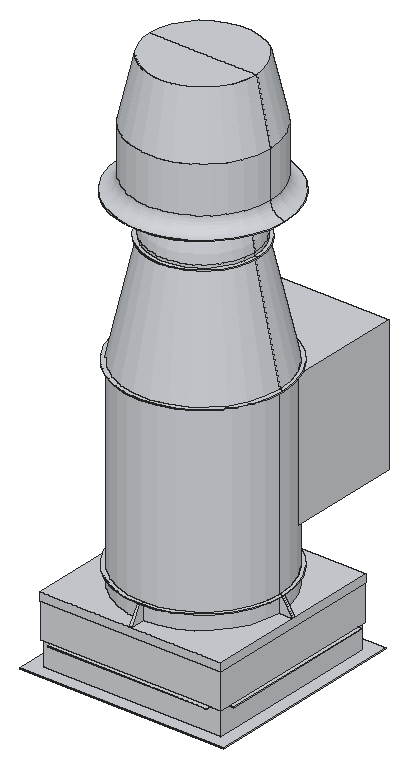
Revit family "QMXVP_with_Isolation_Box", category Mechanical Equipment, Revit 2019 (continued)
Types (225): name | UNIT_RADIUS+4" | UNIT_RADIUS*.6 | UNIT_RADIUS | UNIT_OD | UNIT_HEIGHT*.75 | UNIT_HEIGHT | TYPE | TRANSITION_TOP | RO/2 | RO | NOZZLE_WB_RAD-2" | NOZZLE_WB_RAD | NOZZLE_WB/4 | NOZZLE_TOP_RAD | NOZZLE_TOP_OD | NOZZLE_SIZE | NOZZLE_HEIGHT/7*2 | NOZZLE_HEIGHT | NOZZLE_BOTTOM_RAD | NOZZLE_WB_OD | NOZZLE_BOTTOM_ID | GA | E | C/2 | C | B/2 | B | A/2 | A | Type Comments | Model | (NOZZLE_WB_OD-NOZZLE_TOP_OD)/2 | (NOZZLE_HEIGHT-(NOZZLE_HEIGHT/8*2))/2 | (A/2)+.25"
  270_QMXVP-24L-Isolation_Box | 1' - 11 5/32" | 1' - 5.24062" | 1' - 7 5/32" | 3' - 2 5/16" | 2' - 11 1/4" | 3' - 11" | 0' - 0" | 5' - 2 1/4" | 1' - 8 3/8" | 3' - 4 3/4" | 2' - 4 1/2" | 2' - 6 1/2" | 1' - 0.2" | 1' - 6 1/4" | 3' - 0 1/2" | 24' - 0" | 1' - 3 1/2" | 5' - 2" | 1' - 5 3/8" | 5' - 1" | 2' - 10 3/4" | 0' - 0 27/256" | 3' - 10 15/16" | 2' - 7 1/2" | 5' - 3" | 5' - 4" | 10' - 8" | 2' - 0" | 4' - 0" | "Vari-Plume Laboratory Exhaust Mixed-Flow Inline Belt Drive With Isolation Box\r\n" | "QMXVP-Isolation Box" | 0' - 6 1/8" | 1' - 11 1/4" | 2' - 0 1/4"
  270_QMXVP-24H-Isolation_Box | 1' - 11 5/32" | 1' - 5.24062" | 1' - 7 5/32" | 3' - 2 5/16" | 2' - 11 1/4" | 3' - 11" | 0' - 0" | 5' - 2 1/4" | 1' - 8 3/8" | 3' - 4 3/4" | 2' - 4 1/2" | 2' - 6 1/2" | 1' - 0.2" | 1' - 6 1/4" | 3' - 0 1/2" | 24' - 0" | 1' - 3 1/2" | 5' - 2" | 1' - 5 3/8" | 5' - 1" | 2' - 10 3/4" | 0' - 0 27/256" | 3' - 10 15/16" | 2' - 7 1/2" | 5' - 3" | 5' - 4" | 10' - 8" | 2' - 0" | 4' - 0" | "Vari-Plume Laboratory Exhaust Mixed-Flow Inline Belt Drive With Isolation Box\r\n" | "QMXVP-Isolation Box" | 0' - 6 1/8" | 1' - 11 1/4" | 2' - 0 1/4"
  300_QMXVP-18L-Isolation_Box | 2' - 1 1/4" | 1' - 7 1/8" | 1' - 9 1/4" | 3' - 6 1/2" | 3' - 4 1/2" | 4' - 6" | 0' - 0" | 7' - 10 3/16" | 1' - 10 3/8" | 3' - 8 3/4" | 1' - 7 1/2" | 1' - 9 1/2" | 0' - 8.6" | 1' - 1 3/4" | 2' - 3 1/2" | 18' - 0" | 1' - 0" | 4' - 0" | 1' - 0 13/16" | 3' - 7" | 2' - 1 5/8" | 0' - 0 27/256" | 4' - 2 15/16" | 2' - 9 1/2" | 5' - 7" | 6' - 2" | 12' - 4" | 2' - 2" | 4' - 4" | "Vari-Plume Laboratory Exhaust Mixed-Flow Inline Belt Drive With Isolation Box\r\n" | "QMXVP-Isolation Box" | 0' - 3 7/8" | 1' - 6" | 2' - 2 1/4"
  300_QMXVP-18H-Isolation_Box | 2' - 1 1/4" | 1' - 7 1/8" | 1' - 9 1/4" | 3' - 6 1/2" | 3' - 4 1/2" | 4' - 6" | 0' - 0" | 7' - 10 3/16" | 1' - 10 3/8" | 3' - 8 3/4" | 1' - 7 1/2" | 1' - 9 1/2" | 0' - 8.6" | 1' - 1 3/4" | 2' - 3 1/2" | 18' - 0" | 1' - 0" | 4' - 0" | 1' - 0 13/16" | 3' - 7" | 2' - 1 5/8" | 0' - 0 27/256" | 4' - 2 15/16" | 2' - 9 1/2" | 5' - 7" | 6' - 2" | 12' - 4" | 2' - 2" | 4' - 4" | "Vari-Plume Laboratory Exhaust Mixed-Flow Inline Belt Drive With Isolation Box\r\n" | "QMXVP-Isolation Box" | 0' - 3 7/8" | 1' - 6" | 2' - 2 1/4"
  300_QMXVP-24L-Isolation_Box | 2' - 1 1/4" | 1' - 7 1/8" | 1' - 9 1/4" | 3' - 6 1/2" | 3' - 4 1/2" | 4' - 6" | 0' - 0" | 6' - 5 1/4" | 1' - 10 3/8" | 3' - 8 3/4" | 2' - 4 1/2" | 2' - 6 1/2" | 1' - 0.2" | 1' - 6 1/4" | 3' - 0 1/2" | 24' - 0" | 1' - 3 1/2" | 5' - 2" | 1' - 5 3/8" | 5' - 1" | 2' - 10 3/4" | 0' - 0 27/256" | 4' - 2 15/16" | 2' - 9 1/2" | 5' - 7" | 6' - 2" | 12' - 4" | 2' - 2" | 4' - 4" | "Vari-Plume Laboratory Exhaust Mixed-Flow Inline Belt Drive With Isolation Box\r\n" | "QMXVP-Isolation Box" | 0' - 6 1/8" | 1' - 11 1/4" | 2' - 2 1/4"
  300_QMXVP-24H-Isolation_Box | 2' - 1 1/4" | 1' - 7 1/8" | 1' - 9 1/4" | 3' - 6 1/2" | 3' - 4 1/2" | 4' - 6" | 0' - 0" | 6' - 5 1/4" | 1' - 10 3/8" | 3' - 8 3/4" | 2' - 4 1/2" | 2' - 6 1/2" | 1' - 0.2" | 1' - 6 1/4" | 3' - 0 1/2" | 24' - 0" | 1' - 3 1/2" | 5' - 2" | 1' - 5 3/8" | 5' - 1" | 2' - 10 3/4" | 0' - 0 27/256" | 4' - 2 15/16" | 2' - 9 1/2" | 5' - 7" | 6' - 2" | 12' - 4" | 2' - 2" | 4' - 4" | "Vari-Plume Laboratory Exhaust Mixed-Flow Inline Belt Drive With Isolation Box\r\n" | "QMXVP-Isolation Box" | 0' - 6 1/8" | 1' - 11 1/4" | 2' - 2 1/4"
  300_QMXVP-30L-Isolation_Box | 2' - 1 1/4" | 1' - 7 1/8" | 1' - 9 1/4" | 3' - 6 1/2" | 3' - 4 1/2" | 4' - 6" | 0' - 0" | 5' - 8 1/4" | 1' - 10 3/8" | 3' - 8 3/4" | 2' - 11" | 3' - 1" | 1' - 2.8" | 1' - 10 3/4" | 3' - 9 1/2" | 30' - 0" | 1' - 7 1/2" | 6' - 6" | 1' - 9 1/4" | 6' - 2" | 3' - 6 1/2" | 0' - 0 27/256" | 4' - 2 15/16" | 2' - 9 1/2" | 5' - 7" | 6' - 2" | 12' - 4" | 2' - 2" | 4' - 4" | "Vari-Plume Laboratory Exhaust Mixed-Flow Inline Belt Drive With Isolation Box\r\n" | "QMXVP-Isolation Box" | 0' - 7 1/8" | 2' - 5 1/4" | 2' - 2 1/4"
  300_QMXVP-30H-Isolation_Box | 2' - 1 1/4" | 1' - 7 1/8" | 1' - 9 1/4" | 3' - 6 1/2" | 3' - 4 1/2" | 4' - 6" | 0' - 0" | 5' - 8 1/4" | 1' - 10 3/8" | 3' - 8 3/4" | 2' - 11" | 3' - 1" | 1' - 2.8" | 1' - 10 3/4" | 3' - 9 1/2" | 30' - 0" | 1' - 7 1/2" | 6' - 6" | 1' - 9 1/4" | 6' - 2" | 3' - 6 1/2" | 0' - 0 27/256" | 4' - 2 15/16" | 2' - 9 1/2" | 5' - 7" | 6' - 2" | 12' - 4" | 2' - 2" | 4' - 4" | "Vari-Plume Laboratory Exhaust Mixed-Flow Inline Belt Drive With Isolation Box\r\n" | "QMXVP-Isolation Box" | 0' - 7 1/8" | 2' - 5 1/4" | 2' - 2 1/4"
  330_QMXVP-24L-Isolation_Box | 2' - 3 3/8" | 1' - 9.0375" | 1' - 11 3/8" | 3' - 10 3/4" | 3' - 7 7/8" | 4' - 10 1/2" | 0' - 0" | 7' - 5 3/4" | 2' - 0 5/16" | 4' - 0 5/8" | 2' - 4 1/2" | 2' - 6 1/2" | 1' - 0.2" | 1' - 6 1/4" | 3' - 0 1/2" | 24' - 0" | 1' - 3 1/2" | 5' - 2" | 1' - 5 3/8" | 5' - 1" | 2' - 10 3/4" | 0' - 0 27/256" | 4' - 6 13/16" | 3' - 0 1/2" | 6' - 1" | 6' - 5" | 12' - 10" | 2' - 4" | 4' - 8" | "Vari-Plume Laboratory Exhaust Mixed-Flow Inline Belt Drive With Isolation Box\r\n" | "QMXVP-Isolation Box" | 0' - 6 1/8" | 1' - 11 1/4" | 2' - 4 1/4"
  330_QMXVP-24H-Isolation_Box | 2' - 3 3/8" | 1' - 9.0375" | 1' - 11 3/8" | 3' - 10 3/4" | 3' - 7 7/8" | 4' - 10 1/2" | 0' - 0" | 7' - 5 3/4" | 2' - 0 5/16" | 4' - 0 5/8" | 2' - 4 1/2" | 2' - 6 1/2" | 1' - 0.2" | 1' - 6 1/4" | 3' - 0 1/2" | 24' - 0" | 1' - 3 1/2" | 5' - 2" | 1' - 5 3/8" | 5' - 1" | 2' - 10 3/4" | 0' - 0 27/256" | 4' - 6 13/16" | 3' - 0 1/2" | 6' - 1" | 6' - 5" | 12' - 10" | 2' - 4" | 4' - 8" | "Vari-Plume Laboratory Exhaust Mixed-Flow Inline Belt Drive With Isolation Box\r\n" | "QMXVP-Isolation Box" | 0' - 6 1/8" | 1' - 11 1/4" | 2' - 4 1/4"
  330_QMXVP-30L-Isolation_Box | 2' - 3 3/8" | 1' - 9.0375" | 1' - 11 3/8" | 3' - 10 3/4" | 3' - 7 7/8" | 4' - 10 1/2" | 0' - 0" | 6' - 2 3/4" | 2' - 0 5/16" | 4' - 0 5/8" | 2' - 11" | 3' - 1" | 1' - 2.8" | 1' - 10 3/4" | 3' - 9 1/2" | 30' - 0" | 1' - 7 1/2" | 6' - 6" | 1' - 9 1/4" | 6' - 2" | 3' - 6 1/2" | 0' - 0 27/256" | 4' - 6 13/16" | 3' - 0 1/2" | 6' - 1" | 6' - 5" | 12' - 10" | 2' - 4" | 4' - 8" | "Vari-Plume Laboratory Exhaust Mixed-Flow Inline Belt Drive With Isolation Box\r\n" | "QMXVP-Isolation Box" | 0' - 7 1/8" | 2' - 5 1/4" | 2' - 4 1/4"
  330_QMXVP-30H-Isolation_Box | 2' - 3 3/8" | 1' - 9.0375" | 1' - 11 3/8" | 3' - 10 3/4" | 3' - 7 7/8" | 4' - 10 1/2" | 0' - 0" | 6' - 2 3/4" | 2' - 0 5/16" | 4' - 0 5/8" | 2' - 11" | 3' - 1" | 1' - 2.8" | 1' - 10 3/4" | 3' - 9 1/2" | 30' - 0" | 1' - 7 1/2" | 6' - 6" | 1' - 9 1/4" | 6' - 2" | 3' - 6 1/2" | 0' - 0 27/256" | 4' - 6 13/16" | 3' - 0 1/2" | 6' - 1" | 6' - 5" | 12' - 10" | 2' - 4" | 4' - 8" | "Vari-Plume Laboratory Exhaust Mixed-Flow Inline Belt Drive With Isolation Box\r\n" | "QMXVP-Isolation Box" | 0' - 7 1/8" | 2' - 5 1/4" | 2' - 4 1/4"
  365_QMXVP-24L-Isolation_Box | 2' - 5 7/8" | 1' - 11.2875" | 2' - 1 7/8" | 4' - 3 3/4" | 4' - 0" | 5' - 4" | 0' - 0" | 8' - 8 1/4" | 2' - 3 1/4" | 4' - 6 1/2" | 2' - 4 1/2" | 2' - 6 1/2" | 1' - 0.2" | 1' - 6 1/4" | 3' - 0 1/2" | 24' - 0" | 1' - 3 1/2" | 5' - 2" | 1' - 5 3/8" | 5' - 1" | 2' - 10 3/4" | 0' - 0 27/256" | 5' - 0 3/4" | 3' - 3 1/2" | 6' - 7" | 7' - 3 1/2" | 14' - 7" | 2' - 7" | 5' - 2" | "Vari-Plume Laboratory Exhaust Mixed-Flow Inline Belt Drive With Isolation Box\r\n" | "QMXVP-Isolation Box" | 0' - 6 1/8" | 1' - 11 1/4" | 2' - 7 1/4"
  365_QMXVP-24H-Isolation_Box | 2' - 5 7/8" | 1' - 11.2875" | 2' - 1 7/8" | 4' - 3 3/4" | 4' - 0" | 5' - 4" | 0' - 0" | 8' - 8 1/4" | 2' - 3 1/4" | 4' - 6 1/2" | 2' - 4 1/2" | 2' - 6 1/2" | 1' - 0.2" | 1' - 6 1/4" | 3' - 0 1/2" | 24' - 0" | 1' - 3 1/2" | 5' - 2" | 1' - 5 3/8" | 5' - 1" | 2' - 10 3/4" | 0' - 0 27/256" | 5' - 0 3/4" | 3' - 3 1/2" | 6' - 7" | 7' - 3 1/2" | 14' - 7" | 2' - 7" | 5' - 2" | "Vari-Plume Laboratory Exhaust Mixed-Flow Inline Belt Drive With Isolation Box\r\n" | "QMXVP-Isolation Box" | 0' - 6 1/8" | 1' - 11 1/4" | 2' - 7 1/4"
  365_QMXVP-30L-Isolation_Box | 2' - 5 7/8" | 1' - 11.2875" | 2' - 1 7/8" | 4' - 3 3/4" | 4' - 0" | 5' - 4" | 0' - 0" | 7' - 5 1/2" | 2' - 3 1/4" | 4' - 6 1/2" | 2' - 11" | 3' - 1" | 1' - 2.8" | 1' - 10 3/4" | 3' - 9 1/2" | 30' - 0" | 1' - 7 1/2" | 6' - 6" | 1' - 9 1/4" | 6' - 2" | 3' - 6 1/2" | 0' - 0 27/256" | 5' - 0 3/4" | 3' - 3 1/2" | 6' - 7" | 7' - 3 1/2" | 14' - 7" | 2' - 7" | 5' - 2" | "Vari-Plume Laboratory Exhaust Mixed-Flow Inline Belt Drive With Isolation Box\r\n" | "QMXVP-Isolation Box" | 0' - 7 1/8" | 2' - 5 1/4" | 2' - 7 1/4"
  365_QMXVP-30H-Isolation_Box | 2' - 5 7/8" | 1' - 11.2875" | 2' - 1 7/8" | 4' - 3 3/4" | 4' - 0" | 5' - 4" | 0' - 0" | 7' - 5 1/2" | 2' - 3 1/4" | 4' - 6 1/2" | 2' - 11" | 3' - 1" | 1' - 2.8" | 1' - 10 3/4" | 3' - 9 1/2" | 30' - 0" | 1' - 7 1/2" | 6' - 6" | 1' - 9 1/4" | 6' - 2" | 3' - 6 1/2" | 0' - 0 27/256" | 5' - 0 3/4" | 3' - 3 1/2" | 6' - 7" | 7' - 3 1/2" | 14' - 7" | 2' - 7" | 5' - 2" | "Vari-Plume Laboratory Exhaust Mixed-Flow Inline Belt Drive With Isolation Box\r\n" | "QMXVP-Isolation Box" | 0' - 7 1/8" | 2' - 5 1/4" | 2' - 7 1/4"
  365_QMXVP-36L-Isolation_Box | 2' - 5 7/8" | 1' - 11.2875" | 2' - 1 7/8" | 4' - 3 3/4" | 4' - 0" | 5' - 4" | 0' - 0" | 6' - 6 1/4" | 2' - 3 1/4" | 4' - 6 1/2" | 3' - 7" | 3' - 9" | 1' - 6" | 2' - 5" | 4' - 10" | 36' - 0" | 1' - 11 3/4" | 7' - 11" | 2' - 1 7/8" | 7' - 6" | 4' - 3 3/4" | 0' - 0 27/256" | 5' - 0 3/4" | 3' - 3 1/2" | 6' - 7" | 7' - 3 1/2" | 14' - 7" | 2' - 7" | 5' - 2" | "Vari-Plume Laboratory Exhaust Mixed-Flow Inline Belt Drive With Isolation Box\r\n" | "QMXVP-Isolation Box" | 0' - 8" | 2' - 11 5/8" | 2' - 7 1/4"
  402_QMXVP-24L-Isolation_Box | 2' - 8 15/32" | 2' - 1.62188" | 2' - 4 15/32" | 4' - 8 15/16" | 4' - 3 3/8" | 5' - 8 1/2" | 0' - 0" | 9' - 10 3/4" | 2' - 5 23/32" | 4' - 11 7/16" | 2' - 4 1/2" | 2' - 6 1/2" | 1' - 0.2" | 1' - 6 1/4" | 3' - 0 1/2" | 24' - 0" | 1' - 3 1/2" | 5' - 2" | 1' - 5 3/8" | 5' - 1" | 2' - 10 3/4" | 0' - 0 27/256" | 5' - 5 3/4" | 3' - 8" | 7' - 4" | 7' - 7 1/2" | 15' - 3" | 2' - 9 1/2" | 5' - 7" | "Vari-Plume Laboratory Exhaust Mixed-Flow Inline Belt Drive With Isolation Box\r\n" | "QMXVP-Isolation Box" | 0' - 6 1/8" | 1' - 11 1/4" | 2' - 9 3/4"
  402_QMXVP-24H-Isolation_Box | 2' - 8 15/32" | 2' - 1.62188" | 2' - 4 15/32" | 4' - 8 15/16" | 4' - 3 3/8" | 5' - 8 1/2" | 0' - 0" | 9' - 10 3/4" | 2' - 5 23/32" | 4' - 11 7/16" | 2' - 4 1/2" | 2' - 6 1/2" | 1' - 0.2" | 1' - 6 1/4" | 3' - 0 1/2" | 24' - 0" | 1' - 3 1/2" | 5' - 2" | 1' - 5 3/8" | 5' - 1" | 2' - 10 3/4" | 0' - 0 27/256" | 5' - 5 3/4" | 3' - 8" | 7' - 4" | 7' - 7 1/2" | 15' - 3" | 2' - 9 1/2" | 5' - 7" | "Vari-Plume Laboratory Exhaust Mixed-Flow Inline Belt Drive With Isolation Box\r\n" | "QMXVP-Isolation Box" | 0' - 6 1/8" | 1' - 11 1/4" | 2' - 9 3/4"
  402_QMXVP-30L-Isolation_Box | 2' - 8 15/32" | 2' - 1.62188" | 2' - 4 15/32" | 4' - 8 15/16" | 4' - 3 3/8" | 5' - 8 1/2" | 0' - 0" | 8' - 7 3/4" | 2' - 5 23/32" | 4' - 11 7/16" | 2' - 11" | 3' - 1" | 1' - 2.8" | 1' - 10 3/4" | 3' - 9 1/2" | 30' - 0" | 1' - 7 1/2" | 6' - 6" | 1' - 9 1/4" | 6' - 2" | 3' - 6 1/2" | 0' - 0 27/256" | 5' - 5 3/4" | 3' - 8" | 7' - 4" | 7' - 7 1/2" | 15' - 3" | 2' - 9 1/2" | 5' - 7" | "Vari-Plume Laboratory Exhaust Mixed-Flow Inline Belt Drive With Isolation Box\r\n" | "QMXVP-Isolation Box" | 0' - 7 1/8" | 2' - 5 1/4" | 2' - 9 3/4"
  402_QMXVP-30H-Isolation_Box | 2' - 8 15/32" | 2' - 1.62188" | 2' - 4 15/32" | 4' - 8 15/16" | 4' - 3 3/8" | 5' - 8 1/2" | 0' - 0" | 8' - 7 3/4" | 2' - 5 23/32" | 4' - 11 7/16" | 2' - 11" | 3' - 1" | 1' - 2.8" | 1' - 10 3/4" | 3' - 9 1/2" | 30' - 0" | 1' - 7 1/2" | 6' - 6" | 1' - 9 1/4" | 6' - 2" | 3' - 6 1/2" | 0' - 0 27/256" | 5' - 5 3/4" | 3' - 8" | 7' - 4" | 7' - 7 1/2" | 15' - 3" | 2' - 9 1/2" | 5' - 7" | "Vari-Plume Laboratory Exhaust Mixed-Flow Inline Belt Drive With Isolation Box\r\n" | "QMXVP-Isolation Box" | 0' - 7 1/8" | 2' - 5 1/4" | 2' - 9 3/4"
  402_QMXVP-36L-Isolation_Box | 2' - 8 15/32" | 2' - 1.62188" | 2' - 4 15/32" | 4' - 8 15/16" | 4' - 3 3/8" | 5' - 8 1/2" | 0' - 0" | 7' - 2 3/4" | 2' - 5 23/32" | 4' - 11 7/16" | 3' - 7" | 3' - 9" | 1' - 6" | 2' - 5" | 4' - 10" | 36' - 0" | 1' - 11 3/4" | 7' - 11" | 2' - 1 7/8" | 7' - 6" | 4' - 3 3/4" | 0' - 0 27/256" | 5' - 5 3/4" | 3' - 8" | 7' - 4" | 7' - 7 1/2" | 15' - 3" | 2' - 9 1/2" | 5' - 7" | "Vari-Plume Laboratory Exhaust Mixed-Flow Inline Belt Drive With Isolation Box\r\n" | "QMXVP-Isolation Box" | 0' - 8" | 2' - 11 5/8" | 2' - 9 3/4"
  402_QMXVP-36H-Isolation_Box | 2' - 8 15/32" | 2' - 1.62188" | 2' - 4 15/32" | 4' - 8 15/16" | 4' - 3 3/8" | 5' - 8 1/2" | 0' - 0" | 7' - 2 3/4" | 2' - 5 23/32" | 4' - 11 7/16" | 3' - 7" | 3' - 9" | 1' - 6" | 2' - 5" | 4' - 10" | 36' - 0" | 1' - 11 3/4" | 7' - 11" | 2' - 1 7/8" | 7' - 6" | 4' - 3 3/4" | 0' - 0 27/256" | 5' - 5 3/4" | 3' - 8" | 7' - 4" | 7' - 7 1/2" | 15' - 3" | 2' - 9 1/2" | 5' - 7" | "Vari-Plume Laboratory Exhaust Mixed-Flow Inline Belt Drive With Isolation Box\r\n" | "QMXVP-Isolation Box" | 0' - 8" | 2' - 11 5/8" | 2' - 9 3/4"
  445_QMXVP-30L-Isolation_Box | 2' - 11 17/32" | 2' - 4.37812" | 2' - 7 17/32" | 5' - 3 1/16" | 4' - 7 1/2" | 6' - 2" | 0' - 0" | 10' - 1 1/4" | 2' - 9 7/32" | 5' - 6 7/16" | 2' - 11" | 3' - 1" | 1' - 2.8" | 1' - 10 3/4" | 3' - 9 1/2" | 30' - 0" | 1' - 7 1/2" | 6' - 6" | 1' - 9 1/4" | 6' - 2" | 3' - 6 1/2" | 0' - 0 27/256" | 6' - 0 5/8" | 3' - 11 1/2" | 7' - 11" | 8' - 4 1/2" | 16' - 9" | 3' - 1" | 6' - 2" | "Vari-Plume Laboratory Exhaust Mixed-Flow Inline Belt Drive With Isolation Box\r\n" | "QMXVP-Isolation Box" | 0' - 7 1/8" | 2' - 5 1/4" | 3' - 1 1/4"
  445_QMXVP-30H-Isolation_Box | 2' - 11 17/32" | 2' - 4.37812" | 2' - 7 17/32" | 5' - 3 1/16" | 4' - 7 1/2" | 6' - 2" | 0' - 0" | 10' - 1 1/4" | 2' - 9 7/32" | 5' - 6 7/16" | 2' - 11" | 3' - 1" | 1' - 2.8" | 1' - 10 3/4" | 3' - 9 1/2" | 30' - 0" | 1' - 7 1/2" | 6' - 6" | 1' - 9 1/4" | 6' - 2" | 3' - 6 1/2" | 0' - 0 27/256" | 6' - 0 5/8" | 3' - 11 1/2" | 7' - 11" | 8' - 4 1/2" | 16' - 9" | 3' - 1" | 6' - 2" | "Vari-Plume Laboratory Exhaust Mixed-Flow Inline Belt Drive With Isolation Box\r\n" | "QMXVP-Isolation Box" | 0' - 7 1/8" | 2' - 5 1/4" | 3' - 1 1/4"
  445_QMXVP-36L-Isolation_Box | 2' - 11 17/32" | 2' - 4.37812" | 2' - 7 17/32" | 5' - 3 1/16" | 4' - 7 1/2" | 6' - 2" | 0' - 0" | 8' - 7 1/4" | 2' - 9 7/32" | 5' - 6 7/16" | 3' - 7" | 3' - 9" | 1' - 6" | 2' - 5" | 4' - 10" | 36' - 0" | 1' - 11 3/4" | 7' - 11" | 2' - 1 7/8" | 7' - 6" | 4' - 3 3/4" | 0' - 0 27/256" | 6' - 0 5/8" | 3' - 11 1/2" | 7' - 11" | 8' - 4 1/2" | 16' - 9" | 3' - 1" | 6' - 2" | "Vari-Plume Laboratory Exhaust Mixed-Flow Inline Belt Drive With Isolation Box\r\n" | "QMXVP-Isolation Box" | 0' - 8" | 2' - 11 5/8" | 3' - 1 1/4"
  445_QMXVP-36H-Isolation_Box | 2' - 11 17/32" | 2' - 4.37812" | 2' - 7 17/32" | 5' - 3 1/16" | 4' - 7 1/2" | 6' - 2" | 0' - 0" | 8' - 7 1/4" | 2' - 9 7/32" | 5' - 6 7/16" | 3' - 7" | 3' - 9" | 1' - 6" | 2' - 5" | 4' - 10" | 36' - 0" | 1' - 11 3/4" | 7' - 11" | 2' - 1 7/8" | 7' - 6" | 4' - 3 3/4" | 0' - 0 27/256" | 6' - 0 5/8" | 3' - 11 1/2" | 7' - 11" | 8' - 4 1/2" | 16' - 9" | 3' - 1" | 6' - 2" | "Vari-Plume Laboratory Exhaust Mixed-Flow Inline Belt Drive With Isolation Box\r\n" | "QMXVP-Isolation Box" | 0' - 8" | 2' - 11 5/8" | 3' - 1 1/4"
  490_QMXVP-30L-Isolation_Box | 3' - 2 11/16" | 2' - 7 7/32" | 2' - 10 11/16" | 5' - 9 3/8" | 5' - 0 3/8" | 6' - 8 1/2" | 0' - 0" | 11' - 7 3/4" | 3' - 0 1/8" | 6' - 0 1/4" | 2' - 11" | 3' - 1" | 1' - 2.8" | 1' - 10 3/4" | 3' - 9 1/2" | 30' - 0" | 1' - 7 1/2" | 6' - 6" | 1' - 9 1/4" | 6' - 2" | 3' - 6 1/2" | 0' - 0 17/128" | 6' - 6 1/2" | 4' - 3 1/2" | 8' - 7" | 9' - 1 1/2" | 18' - 3" | 3' - 4" | 6' - 8" | "Vari-Plume Laboratory Exhaust Mixed-Flow Inline Belt Drive With Isolation Box\r\n" | "QMXVP-Isolation Box" | 0' - 7 1/8" | 2' - 5 1/4" | 3' - 4 1/4"
  490_QMXVP-30H-Isolation_Box | 3' - 2 11/16" | 2' - 7 7/32" | 2' - 10 11/16" | 5' - 9 3/8" | 5' - 0 3/8" | 6' - 8 1/2" | 0' - 0" | 11' - 7 3/4" | 3' - 0 1/8" | 6' - 0 1/4" | 2' - 11" | 3' - 1" | 1' - 2.8" | 1' - 10 3/4" | 3' - 9 1/2" | 30' - 0" | 1' - 7 1/2" | 6' - 6" | 1' - 9 1/4" | 6' - 2" | 3' - 6 1/2" | 0' - 0 17/128" | 6' - 6 1/2" | 4' - 3 1/2" | 8' - 7" | 9' - 1 1/2" | 18' - 3" | 3' - 4" | 6' - 8" | "Vari-Plume Laboratory Exhaust Mixed-Flow Inline Belt Drive With Isolation Box\r\n" | "QMXVP-Isolation Box" | 0' - 7 1/8" | 2' - 5 1/4" | 3' - 4 1/4"
  490_QMXVP-36L-Isolation_Box | 3' - 2 11/16" | 2' - 7 7/32" | 2' - 10 11/16" | 5' - 9 3/8" | 5' - 0 3/8" | 6' - 8 1/2" | 0' - 0" | 10' - 2 3/4" | 3' - 0 1/8" | 6' - 0 1/4" | 3' - 7" | 3' - 9" | 1' - 6" | 2' - 5" | 4' - 10" | 36' - 0" | 1' - 11 3/4" | 7' - 11" | 2' - 1 7/8" | 7' - 6" | 4' - 3 3/4" | 0' - 0 17/128" | 6' - 6 1/2" | 4' - 3 1/2" | 8' - 7" | 9' - 1 1/2" | 18' - 3" | 3' - 4" | 6' - 8" | "Vari-Plume Laboratory Exhaust Mixed-Flow Inline Belt Drive With Isolation Box\r\n" | "QMXVP-Isolation Box" | 0' - 8" | 2' - 11 5/8" | 3' - 4 1/4"
  490_QMXVP-36H-Isolation_Box | 3' - 2 11/16" | 2' - 7 7/32" | 2' - 10 11/16" | 5' - 9 3/8" | 5' - 0 3/8" | 6' - 8 1/2" | 0' - 0" | 10' - 2 3/4" | 3' - 0 1/8" | 6' - 0 1/4" | 3' - 7" | 3' - 9" | 1' - 6" | 2' - 5" | 4' - 10" | 36' - 0" | 1' - 11 3/4" | 7' - 11" | 2' - 1 7/8" | 7' - 6" | 4' - 3 3/4" | 0' - 0 17/128" | 6' - 6 1/2" | 4' - 3 1/2" | 8' - 7" | 9' - 1 1/2" | 18' - 3" | 3' - 4" | 6' - 8" | "Vari-Plume Laboratory Exhaust Mixed-Flow Inline Belt Drive With Isolation Box\r\n" | "QMXVP-Isolation Box" | 0' - 8" | 2' - 11 5/8" | 3' - 4 1/4"
  540_QMXVP-36L-Isolation_Box | 3' - 6 7/32" | 2' - 10.39687" | 3' - 2 7/32" | 6' - 4 7/16" | 5' - 5 1/4" | 7' - 3" | 0' - 0" | 11' - 10 1/4" | 3' - 3 9/16" | 6' - 7 1/8" | 3' - 7" | 3' - 9" | 1' - 6" | 2' - 5" | 4' - 10" | 36' - 0" | 1' - 11 3/4" | 7' - 11" | 2' - 1 7/8" | 7' - 6" | 4' - 3 3/4" | 0' - 0 17/128" | 7' - 1 3/8" | 4' - 7 1/2" | 9' - 3" | 9' - 11 1/2" | 19' - 11" | 3' - 9" | 7' - 6" | "Vari-Plume Laboratory Exhaust Mixed-Flow Inline Belt Drive With Isolation Box\r\n" | "QMXVP-Isolation Box" | 0' - 8" | 2' - 11 5/8" | 3' - 9 1/4"
  540_QMXVP-36H-Isolation_Box | 3' - 6 7/32" | 2' - 10.39687" | 3' - 2 7/32" | 6' - 4 7/16" | 5' - 5 1/4" | 7' - 3" | 0' - 0" | 11' - 10 1/4" | 3' - 3 9/16" | 6' - 7 1/8" | 3' - 7" | 3' - 9" | 1' - 6" | 2' - 5" | 4' - 10" | 36' - 0" | 1' - 11 3/4" | 7' - 11" | 2' - 1 7/8" | 7' - 6" | 4' - 3 3/4" | 0' - 0 17/128" | 7' - 1 3/8" | 4' - 7 1/2" | 9' - 3" | 9' - 11 1/2" | 19' - 11" | 3' - 9" | 7' - 6" | "Vari-Plume Laboratory Exhaust Mixed-Flow Inline Belt Drive With Isolation Box\r\n" | "QMXVP-Isolation Box" | 0' - 8" | 2' - 11 5/8" | 3' - 9 1/4"
  540_QMXVP-49L-Isolation_Box | 3' - 6 7/32" | 2' - 10.39687" | 3' - 2 7/32" | 6' - 4 7/16" | 5' - 5 1/4" | 7' - 3" | 0' - 0" | 10' - 1 1/4" | 3' - 3 9/16" | 6' - 7 1/8" | 4' - 0 1/2" | 4' - 2 1/2" | 1' - 8.2" | 3' - 2" | 6' - 4" | 49' - 0" | 2' - 3 1/2" | 9' - 2" | 2' - 10 11/16" | 8' - 5" | 5' - 9 3/8" | 0' - 0 17/128" | 7' - 1 3/8" | 4' - 7 1/2" | 9' - 3" | 9' - 11 1/2" | 19' - 11" | 3' - 9" | 7' - 6" | "Vari-Plume Laboratory Exhaust Mixed-Flow Inline Belt Drive With Isolation Box\r\n" | "QMXVP-Isolation Box" | 0' - 6 1/4" | 3' - 5 1/4" | 3' - 9 1/4"
  540_QMXVP-49H-Isolation_Box | 3' - 6 7/32" | 2' - 10.39687" | 3' - 2 7/32" | 6' - 4 7/16" | 5' - 5 1/4" | 7' - 3" | 0' - 0" | 10' - 1 1/4" | 3' - 3 9/16" | 6' - 7 1/8" | 4' - 0 1/2" | 4' - 2 1/2" | 1' - 8.2" | 3' - 2" | 6' - 4" | 49' - 0" | 2' - 3 1/2" | 9' - 2" | 2' - 10 11/16" | 8' - 5" | 5' - 9 3/8" | 0' - 0 17/128" | 7' - 1 3/8" | 4' - 7 1/2" | 9' - 3" | 9' - 11 1/2" | 19' - 11" | 3' - 9" | 7' - 6" | "Vari-Plume Laboratory Exhaust Mixed-Flow Inline Belt Drive With Isolation Box\r\n" | "QMXVP-Isolation Box" | 0' - 6 1/4" | 3' - 5 1/4" | 3' - 9 1/4"
  600_QMXVP-36L-Isolation_Box | 3' - 10 7/16" | 3' - 2.19375" | 3' - 6 7/16" | 7' - 0 7/8" | 5' - 11 5/8" | 7' - 11 1/2" | 0' - 0" | 14' - 2 3/4" | 3' - 8 1/32" | 7' - 4 1/16" | 3' - 7" | 3' - 9" | 1' - 6" | 2' - 5" | 4' - 10" | 36' - 0" | 1' - 11 3/4" | 7' - 11" | 2' - 1 7/8" | 7' - 6" | 4' - 3 3/4" | 0' - 0 23/128" | 7' - 10 3/8" | 5' - 1" | 10' - 2" | 10' - 11 1/2" | 21' - 11" | 4' - 2 1/2" | 8' - 5" | "Vari-Plume Laboratory Exhaust Mixed-Flow Inline Belt Drive With Isolation Box\r\n" | "QMXVP-Isolation Box" | 0' - 8" | 2' - 11 5/8" | 4' - 2 3/4"
  600_QMXVP-36H-Isolation_Box | 3' - 10 7/16" | 3' - 2.19375" | 3' - 6 7/16" | 7' - 0 7/8" | 5' - 11 5/8" | 7' - 11 1/2" | 0' - 0" | 14' - 2 3/4" | 3' - 8 1/32" | 7' - 4 1/16" | 3' - 7" | 3' - 9" | 1' - 6" | 2' - 5" | 4' - 10" | 36' - 0" | 1' - 11 3/4" | 7' - 11" | 2' - 1 7/8" | 7' - 6" | 4' - 3 3/4" | 0' - 0 23/128" | 7' - 10 3/8" | 5' - 1" | 10' - 2" | 10' - 11 1/2" | 21' - 11" | 4' - 2 1/2" | 8' - 5" | "Vari-Plume Laboratory Exhaust Mixed-Flow Inline Belt Drive With Isolation Box\r\n" | "QMXVP-Isolation Box" | 0' - 8" | 2' - 11 5/8" | 4' - 2 3/4"
  600_QMXVP-49L-Isolation_Box | 3' - 10 7/16" | 3' - 2.19375" | 3' - 6 7/16" | 7' - 0 7/8" | 5' - 11 5/8" | 7' - 11 1/2" | 0' - 0" | 12' - 4 3/4" | 3' - 8 1/32" | 7' - 4 1/16" | 4' - 0 1/2" | 4' - 2 1/2" | 1' - 8.2" | 3' - 2" | 6' - 4" | 49' - 0" | 2' - 3 1/2" | 9' - 2" | 2' - 10 11/16" | 8' - 5" | 5' - 9 3/8" | 0' - 0 23/128" | 7' - 10 3/8" | 5' - 1" | 10' - 2" | 10' - 11 1/2" | 21' - 11" | 4' - 2 1/2" | 8' - 5" | "Vari-Plume Laboratory Exhaust Mixed-Flow Inline Belt Drive With Isolation Box\r\n" | "QMXVP-Isolation Box" | 0' - 6 1/4" | 3' - 5 1/4" | 4' - 2 3/4"
  600_QMXVP-49H-Isolation_Box | 3' - 10 7/16" | 3' - 2.19375" | 3' - 6 7/16" | 7' - 0 7/8" | 5' - 11 5/8" | 7' - 11 1/2" | 0' - 0" | 12' - 4 3/4" | 3' - 8 1/32" | 7' - 4 1/16" | 4' - 0 1/2" | 4' - 2 1/2" | 1' - 8.2" | 3' - 2" | 6' - 4" | 49' - 0" | 2' - 3 1/2" | 9' - 2" | 2' - 10 11/16" | 8' - 5" | 5' - 9 3/8" | 0' - 0 23/128" | 7' - 10 3/8" | 5' - 1" | 10' - 2" | 10' - 11 1/2" | 21' - 11" | 4' - 2 1/2" | 8' - 5" | "Vari-Plume Laboratory Exhaust Mixed-Flow Inline Belt Drive With Isolation Box\r\n" | "QMXVP-Isolation Box" | 0' - 6 1/4" | 3' - 5 1/4" | 4' - 2 3/4"
  120_QMXHPVP-12H-Isolation_Box | 1' - 0 17/32" | 0' - 7.67813" | 0' - 8 17/32" | 1' - 5 1/16" | 1' - 2 29/32" | 1' - 7 7/8" | 1' - 0" | 3' - 3 7/16" | 0' - 10 1/2" | 1' - 9" | 1' - 0" | 1' - 2" | 0' - 5.6" | 0' - 9 3/4" | 1' - 7 1/2" | 12' - 0" | 0' - 8" | 2' - 8" | 0' - 8 17/32" | 2' - 4" | 1' - 5 1/16" | 0' - 0 27/256" | 2' - 3 3/16" | 1' - 6 1/2" | 3' - 1" | 2' - 11 1/2" | 5' - 11" | 1' - 2" | 2' - 4" | "Vari-Plume Laboratory Exhaust Mixed-Flow High Pressure Inline Belt Drive With Isolation Box\r\n" | "QMXHPVP-Isolation Box" | 0' - 2 1/8" | 1' - 0" | 1' - 2 1/4"
  120_QMXHPVP-12L-Isolation_Box | 1' - 0 17/32" | 0' - 7.67813" | 0' - 8 17/32" | 1' - 5 1/16" | 1' - 2 29/32" | 1' - 7 7/8" | 1' - 0" | 3' - 3 7/16" | 0' - 10 1/2" | 1' - 9" | 1' - 0" | 1' - 2" | 0' - 5.6" | 0' - 9 3/4" | 1' - 7 1/2" | 12' - 0" | 0' - 8" | 2' - 8" | 0' - 8 17/32" | 2' - 4" | 1' - 5 1/16" | 0' - 0 27/256" | 2' - 3 3/16" | 1' - 6 1/2" | 3' - 1" | 2' - 11 1/2" | 5' - 11" | 1' - 2" | 2' - 4" | "Vari-Plume Laboratory Exhaust Mixed-Flow High Pressure Inline Belt Drive With Isolation Box\r\n" | "QMXHPVP-Isolation Box" | 0' - 2 1/8" | 1' - 0" | 1' - 2 1/4"
  120_QMXHPVP-9H-Isolation_Box | 1' - 0 17/32" | 0' - 7.67813" | 0' - 8 17/32" | 1' - 5 1/16" | 1' - 2 29/32" | 1' - 7 7/8" | 1' - 0" | 3' - 7 3/16" | 0' - 10 1/2" | 1' - 9" | 0' - 9 1/2" | 0' - 11 1/2" | 0' - 4.6" | 0' - 6 3/4" | 1' - 1 1/2" | 9' - 0" | 0' - 7" | 2' - 4" | 0' - 6 13/32" | 1' - 11" | 1' - 0 13/16" | 0' - 0 27/256" | 2' - 3 3/16" | 1' - 6 1/2" | 3' - 1" | 2' - 11 1/2" | 5' - 11" | 1' - 2" | 2' - 4" | "Vari-Plume Laboratory Exhaust Mixed-Flow High Pressure Inline Belt Drive With Isolation Box\r\n" | "QMXHPVP-Isolation Box" | 0' - 2 3/8" | 0' - 10 1/2" | 1' - 2 1/4"
  120_QMXHPVP-9L-Isolation_Box | 1' - 0 17/32" | 0' - 7.67813" | 0' - 8 17/32" | 1' - 5 1/16" | 1' - 2 29/32" | 1' - 7 7/8" | 1' - 0" | 3' - 7 3/16" | 0' - 10 1/2" | 1' - 9" | 0' - 9 1/2" | 0' - 11 1/2" | 0' - 4.6" | 0' - 6 3/4" | 1' - 1 1/2" | 9' - 0" | 0' - 7" | 2' - 4" | 0' - 6 13/32" | 1' - 11" | 1' - 0 13/16" | 0' - 0 27/256" | 2' - 3 3/16" | 1' - 6 1/2" | 3' - 1" | 2' - 11 1/2" | 5' - 11" | 1' - 2" | 2' - 4" | "Vari-Plume Laboratory Exhaust Mixed-Flow High Pressure Inline Belt Drive With Isolation Box\r\n" | "QMXHPVP-Isolation Box" | 0' - 2 3/8" | 0' - 10 1/2" | 1' - 2 1/4"
  135_QMXHPVP-12H-Isolation_Box | 1' - 1 5/8" | 0' - 8.6625" | 0' - 9 5/8" | 1' - 7 1/4" | 1' - 8 1/4" | 2' - 3" | 1' - 0" | 3' - 4 11/16" | 0' - 10 15/32" | 1' - 8 15/16" | 1' - 0" | 1' - 2" | 0' - 5.6" | 0' - 9 3/4" | 1' - 7 1/2" | 12' - 0" | 0' - 8" | 2' - 8" | 0' - 8 17/32" | 2' - 4" | 1' - 5 1/16" | 0' - 0 27/256" | 2' - 3 1/8" | 1' - 7 1/2" | 3' - 3" | 3' - 2 1/2" | 6' - 5" | 1' - 2" | 2' - 4" | "Vari-Plume Laboratory Exhaust Mixed-Flow High Pressure Inline Belt Drive With Isolation Box\r\n" | "QMXHPVP-Isolation Box" | 0' - 2 1/8" | 1' - 0" | 1' - 2 1/4"
  135_QMXHPVP-12L-Isolation_Box | 1' - 1 5/8" | 0' - 8.6625" | 0' - 9 5/8" | 1' - 7 1/4" | 1' - 8 1/4" | 2' - 3" | 1' - 0" | 3' - 4 11/16" | 0' - 10 15/32" | 1' - 8 15/16" | 1' - 0" | 1' - 2" | 0' - 5.6" | 0' - 9 3/4" | 1' - 7 1/2" | 12' - 0" | 0' - 8" | 2' - 8" | 0' - 8 17/32" | 2' - 4" | 1' - 5 1/16" | 0' - 0 27/256" | 2' - 3 1/8" | 1' - 7 1/2" | 3' - 3" | 3' - 2 1/2" | 6' - 5" | 1' - 2" | 2' - 4" | "Vari-Plume Laboratory Exhaust Mixed-Flow High Pressure Inline Belt Drive With Isolation Box\r\n" | "QMXHPVP-Isolation Box" | 0' - 2 1/8" | 1' - 0" | 1' - 2 1/4"
  135_QMXHPVP-9H-Isolation_Box | 1' - 1 5/8" | 0' - 8.6625" | 0' - 9 5/8" | 1' - 7 1/4" | 1' - 8 1/4" | 2' - 3" | 1' - 0" | 4' - 0 11/16" | 0' - 10 15/32" | 1' - 8 15/16" | 0' - 9 1/2" | 0' - 11 1/2" | 0' - 4.6" | 0' - 6 3/4" | 1' - 1 1/2" | 9' - 0" | 0' - 7" | 2' - 4" | 0' - 6 13/32" | 1' - 11" | 1' - 0 13/16" | 0' - 0 27/256" | 2' - 3 1/8" | 1' - 7 1/2" | 3' - 3" | 3' - 2 1/2" | 6' - 5" | 1' - 2" | 2' - 4" | "Vari-Plume Laboratory Exhaust Mixed-Flow High Pressure Inline Belt Drive With Isolation Box\r\n" | "QMXHPVP-Isolation Box" | 0' - 2 3/8" | 0' - 10 1/2" | 1' - 2 1/4"
  135_QMXHPVP-9L-Isolation_Box | 1' - 1 5/8" | 0' - 8.6625" | 0' - 9 5/8" | 1' - 7 1/4" | 1' - 8 1/4" | 2' - 3" | 1' - 0" | 4' - 0 11/16" | 0' - 10 15/32" | 1' - 8 15/16" | 0' - 9 1/2" | 0' - 11 1/2" | 0' - 4.6" | 0' - 6 3/4" | 1' - 1 1/2" | 9' - 0" | 0' - 7" | 2' - 4" | 0' - 6 13/32" | 1' - 11" | 1' - 0 13/16" | 0' - 0 27/256" | 2' - 3 1/8" | 1' - 7 1/2" | 3' - 3" | 3' - 2 1/2" | 6' - 5" | 1' - 2" | 2' - 4" | "Vari-Plume Laboratory Exhaust Mixed-Flow High Pressure Inline Belt Drive With Isolation Box\r\n" | "QMXHPVP-Isolation Box" | 0' - 2 3/8" | 0' - 10 1/2" | 1' - 2 1/4"
  150_QMXHPVP-12H-Isolation_Box | 1' - 2 11/16" | 0' - 9.61875" | 0' - 10 11/16" | 1' - 9 3/8" | 1' - 10 1/2" | 2' - 6" | 1' - 0" | 3' - 10 1/4" | 0' - 11 15/32" | 1' - 10 15/16" | 1' - 0" | 1' - 2" | 0' - 5.6" | 0' - 9 3/4" | 1' - 7 1/2" | 12' - 0" | 0' - 8" | 2' - 8" | 0' - 8 17/32" | 2' - 4" | 1' - 5 1/16" | 0' - 0 27/256" | 2' - 5 1/8" | 1' - 9" | 3' - 6" | 3' - 7 1/2" | 7' - 3" | 1' - 3" | 2' - 6" | "Vari-Plume Laboratory Exhaust Mixed-Flow High Pressure Inline Belt Drive With Isolation Box\r\n" | "QMXHPVP-Isolation Box" | 0' - 2 1/8" | 1' - 0" | 1' - 3 1/4"
  150_QMXHPVP-12L-Isolation_Box | 1' - 2 11/16" | 0' - 9.61875" | 0' - 10 11/16" | 1' - 9 3/8" | 1' - 10 1/2" | 2' - 6" | 1' - 0" | 3' - 10 1/4" | 0' - 11 15/32" | 1' - 10 15/16" | 1' - 0" | 1' - 2" | 0' - 5.6" | 0' - 9 3/4" | 1' - 7 1/2" | 12' - 0" | 0' - 8" | 2' - 8" | 0' - 8 17/32" | 2' - 4" | 1' - 5 1/16" | 0' - 0 27/256" | 2' - 5 1/8" | 1' - 9" | 3' - 6" | 3' - 7 1/2" | 7' - 3" | 1' - 3" | 2' - 6" | "Vari-Plume Laboratory Exhaust Mixed-Flow High Pressure Inline Belt Drive With Isolation Box\r\n" | "QMXHPVP-Isolation Box" | 0' - 2 1/8" | 1' - 0" | 1' - 3 1/4"
  150_QMXHPVP-15H-Isolation_Box | 1' - 2 11/16" | 0' - 9.61875" | 0' - 10 11/16" | 1' - 9 3/8" | 1' - 10 1/2" | 2' - 6" | 1' - 0" | 3' - 7 5/16" | 0' - 11 15/32" | 1' - 10 15/16" | 1' - 4" | 1' - 6" | 0' - 7.2" | 0' - 11 1/2" | 1' - 11" | 15' - 0" | 0' - 10 3/4" | 3' - 7" | 0' - 10 11/16" | 3' - 0" | 1' - 9 3/8" | 0' - 0 27/256" | 2' - 5 1/8" | 1' - 9" | 3' - 6" | 3' - 7 1/2" | 7' - 3" | 1' - 3" | 2' - 6" | "Vari-Plume Laboratory Exhaust Mixed-Flow High Pressure Inline Belt Drive With Isolation Box\r\n" | "QMXHPVP-Isolation Box" | 0' - 3 1/4" | 1' - 4 1/8" | 1' - 3 1/4"
  150_QMXHPVP-15L-Isolation_Box | 1' - 2 11/16" | 0' - 9.61875" | 0' - 10 11/16" | 1' - 9 3/8" | 1' - 10 1/2" | 2' - 6" | 1' - 0" | 3' - 7 5/16" | 0' - 11 15/32" | 1' - 10 15/16" | 1' - 4" | 1' - 6" | 0' - 7.2" | 0' - 11 1/2" | 1' - 11" | 15' - 0" | 0' - 10 3/4" | 3' - 7" | 0' - 10 11/16" | 3' - 0" | 1' - 9 3/8" | 0' - 0 27/256" | 2' - 5 1/8" | 1' - 9" | 3' - 6" | 3' - 7 1/2" | 7' - 3" | 1' - 3" | 2' - 6" | "Vari-Plume Laboratory Exhaust Mixed-Flow High Pressure Inline Belt Drive With Isolation Box\r\n" | "QMXHPVP-Isolation Box" | 0' - 3 1/4" | 1' - 4 1/8" | 1' - 3 1/4"
  150_QMXHPVP-9H-Isolation_Box | 1' - 2 11/16" | 0' - 9.61875" | 0' - 10 11/16" | 1' - 9 3/8" | 1' - 10 1/2" | 2' - 6" | 1' - 0" | 4' - 6 1/4" | 0' - 11 15/32" | 1' - 10 15/16" | 0' - 9 1/2" | 0' - 11 1/2" | 0' - 4.6" | 0' - 6 3/4" | 1' - 1 1/2" | 9' - 0" | 0' - 7" | 2' - 4" | 0' - 6 13/32" | 1' - 11" | 1' - 0 13/16" | 0' - 0 27/256" | 2' - 5 1/8" | 1' - 9" | 3' - 6" | 3' - 7 1/2" | 7' - 3" | 1' - 3" | 2' - 6" | "Vari-Plume Laboratory Exhaust Mixed-Flow High Pressure Inline Belt Drive With Isolation Box\r\n" | "QMXHPVP-Isolation Box" | 0' - 2 3/8" | 0' - 10 1/2" | 1' - 3 1/4"
  150_QMXHPVP-9L-Isolation_Box | 1' - 2 11/16" | 0' - 9.61875" | 0' - 10 11/16" | 1' - 9 3/8" | 1' - 10 1/2" | 2' - 6" | 1' - 0" | 4' - 6 1/4" | 0' - 11 15/32" | 1' - 10 15/16" | 0' - 9 1/2" | 0' - 11 1/2" | 0' - 4.6" | 0' - 6 3/4" | 1' - 1 1/2" | 9' - 0" | 0' - 7" | 2' - 4" | 0' - 6 13/32" | 1' - 11" | 1' - 0 13/16" | 0' - 0 27/256" | 2' - 5 1/8" | 1' - 9" | 3' - 6" | 3' - 7 1/2" | 7' - 3" | 1' - 3" | 2' - 6" | "Vari-Plume Laboratory Exhaust Mixed-Flow High Pressure Inline Belt Drive With Isolation Box\r\n" | "QMXHPVP-Isolation Box" | 0' - 2 3/8" | 0' - 10 1/2" | 1' - 3 1/4"
  165_QMXHPVP-12H-Isolation_Box | 1' - 3 3/4" | 0' - 10.575" | 0' - 11 3/4" | 1' - 11 1/2" | 2' - 0 3/4" | 2' - 9" | 1' - 0" | 4' - 5 1/4" | 1' - 0 15/32" | 2' - 0 15/16" | 1' - 0" | 1' - 2" | 0' - 5.6" | 0' - 9 3/4" | 1' - 7 1/2" | 12' - 0" | 0' - 8" | 2' - 8" | 0' - 8 17/32" | 2' - 4" | 1' - 5 1/16" | 0' - 0 27/256" | 2' - 7 1/8" | 1' - 10" | 3' - 8" | 3' - 8 1/2" | 7' - 5" | 1' - 4" | 2' - 8" | "Vari-Plume Laboratory Exhaust Mixed-Flow High Pressure Inline Belt Drive With Isolation Box\r\n" | "QMXHPVP-Isolation Box" | 0' - 2 1/8" | 1' - 0" | 1' - 4 1/4"
  165_QMXHPVP-12L-Isolation_Box | 1' - 3 3/4" | 0' - 10.575" | 0' - 11 3/4" | 1' - 11 1/2" | 2' - 0 3/4" | 2' - 9" | 1' - 0" | 4' - 5 1/4" | 1' - 0 15/32" | 2' - 0 15/16" | 1' - 0" | 1' - 2" | 0' - 5.6" | 0' - 9 3/4" | 1' - 7 1/2" | 12' - 0" | 0' - 8" | 2' - 8" | 0' - 8 17/32" | 2' - 4" | 1' - 5 1/16" | 0' - 0 27/256" | 2' - 7 1/8" | 1' - 10" | 3' - 8" | 3' - 8 1/2" | 7' - 5" | 1' - 4" | 2' - 8" | "Vari-Plume Laboratory Exhaust Mixed-Flow High Pressure Inline Belt Drive With Isolation Box\r\n" | "QMXHPVP-Isolation Box" | 0' - 2 1/8" | 1' - 0" | 1' - 4 1/4"
  165_QMXHPVP-15H-Isolation_Box | 1' - 3 3/4" | 0' - 10.575" | 0' - 11 3/4" | 1' - 11 1/2" | 2' - 0 3/4" | 2' - 9" | 1' - 0" | 3' - 9 5/16" | 1' - 0 15/32" | 2' - 0 15/16" | 1' - 4" | 1' - 6" | 0' - 7.2" | 0' - 11 1/2" | 1' - 11" | 15' - 0" | 0' - 10 3/4" | 3' - 7" | 0' - 10 11/16" | 3' - 0" | 1' - 9 3/8" | 0' - 0 27/256" | 2' - 7 1/8" | 1' - 10" | 3' - 8" | 3' - 8 1/2" | 7' - 5" | 1' - 4" | 2' - 8" | "Vari-Plume Laboratory Exhaust Mixed-Flow High Pressure Inline Belt Drive With Isolation Box\r\n" | "QMXHPVP-Isolation Box" | 0' - 3 1/4" | 1' - 4 1/8" | 1' - 4 1/4"
  165_QMXHPVP-15L-Isolation_Box | 1' - 3 3/4" | 0' - 10.575" | 0' - 11 3/4" | 1' - 11 1/2" | 2' - 0 3/4" | 2' - 9" | 1' - 0" | 3' - 9 5/16" | 1' - 0 15/32" | 2' - 0 15/16" | 1' - 4" | 1' - 6" | 0' - 7.2" | 0' - 11 1/2" | 1' - 11" | 15' - 0" | 0' - 10 3/4" | 3' - 7" | 0' - 10 11/16" | 3' - 0" | 1' - 9 3/8" | 0' - 0 27/256" | 2' - 7 1/8" | 1' - 10" | 3' - 8" | 3' - 8 1/2" | 7' - 5" | 1' - 4" | 2' - 8" | "Vari-Plume Laboratory Exhaust Mixed-Flow High Pressure Inline Belt Drive With Isolation Box\r\n" | "QMXHPVP-Isolation Box" | 0' - 3 1/4" | 1' - 4 1/8" | 1' - 4 1/4"
  165_QMXHPVP-9H-Isolation_Box | 1' - 3 3/4" | 0' - 10.575" | 0' - 11 3/4" | 1' - 11 1/2" | 2' - 0 3/4" | 2' - 9" | 1' - 0" | 5' - 1 1/4" | 1' - 0 15/32" | 2' - 0 15/16" | 0' - 9 1/2" | 0' - 11 1/2" | 0' - 4.6" | 0' - 6 3/4" | 1' - 1 1/2" | 9' - 0" | 0' - 7" | 2' - 4" | 0' - 6 13/32" | 1' - 11" | 1' - 0 13/16" | 0' - 0 27/256" | 2' - 7 1/8" | 1' - 10" | 3' - 8" | 3' - 8 1/2" | 7' - 5" | 1' - 4" | 2' - 8" | "Vari-Plume Laboratory Exhaust Mixed-Flow High Pressure Inline Belt Drive With Isolation Box\r\n" | "QMXHPVP-Isolation Box" | 0' - 2 3/8" | 0' - 10 1/2" | 1' - 4 1/4"
  165_QMXHPVP-9L-Isolation_Box | 1' - 3 3/4" | 0' - 10.575" | 0' - 11 3/4" | 1' - 11 1/2" | 2' - 0 3/4" | 2' - 9" | 1' - 0" | 5' - 1 1/4" | 1' - 0 15/32" | 2' - 0 15/16" | 0' - 9 1/2" | 0' - 11 1/2" | 0' - 4.6" | 0' - 6 3/4" | 1' - 1 1/2" | 9' - 0" | 0' - 7" | 2' - 4" | 0' - 6 13/32" | 1' - 11" | 1' - 0 13/16" | 0' - 0 27/256" | 2' - 7 1/8" | 1' - 10" | 3' - 8" | 3' - 8 1/2" | 7' - 5" | 1' - 4" | 2' - 8" | "Vari-Plume Laboratory Exhaust Mixed-Flow High Pressure Inline Belt Drive With Isolation Box\r\n" | "QMXHPVP-Isolation Box" | 0' - 2 3/8" | 0' - 10 1/2" | 1' - 4 1/4"
  180_QMXHPVP-12H-Isolation_Box | 1' - 4 13/16" | 0' - 11 17/32" | 1' - 0 13/16" | 2' - 1 5/8" | 2' - 2 1/4" | 2' - 11" | 1' - 0" | 4' - 11 1/16" | 1' - 1 15/32" | 2' - 2 15/16" | 1' - 0" | 1' - 2" | 0' - 5.6" | 0' - 9 3/4" | 1' - 7 1/2" | 12' - 0" | 0' - 8" | 2' - 8" | 0' - 8 17/32" | 2' - 4" | 1' - 5 1/16" | 0' - 0 27/256" | 2' - 9 1/8" | 1' - 11" | 3' - 10" | 4' - 1" | 8' - 2" | 1' - 5" | 2' - 10" | "Vari-Plume Laboratory Exhaust Mixed-Flow High Pressure Inline Belt Drive With Isolation Box\r\n" | "QMXHPVP-Isolation Box" | 0' - 2 1/8" | 1' - 0" | 1' - 5 1/4"
  180_QMXHPVP-12L-Isolation_Box | 1' - 4 13/16" | 0' - 11 17/32" | 1' - 0 13/16" | 2' - 1 5/8" | 2' - 2 1/4" | 2' - 11" | 1' - 0" | 4' - 11 1/16" | 1' - 1 15/32" | 2' - 2 15/16" | 1' - 0" | 1' - 2" | 0' - 5.6" | 0' - 9 3/4" | 1' - 7 1/2" | 12' - 0" | 0' - 8" | 2' - 8" | 0' - 8 17/32" | 2' - 4" | 1' - 5 1/16" | 0' - 0 27/256" | 2' - 9 1/8" | 1' - 11" | 3' - 10" | 4' - 1" | 8' - 2" | 1' - 5" | 2' - 10" | "Vari-Plume Laboratory Exhaust Mixed-Flow High Pressure Inline Belt Drive With Isolation Box\r\n" | "QMXHPVP-Isolation Box" | 0' - 2 1/8" | 1' - 0" | 1' - 5 1/4"
  180_QMXHPVP-15H-Isolation_Box | 1' - 4 13/16" | 0' - 11 17/32" | 1' - 0 13/16" | 2' - 1 5/8" | 2' - 2 1/4" | 2' - 11" | 1' - 0" | 4' - 3 1/8" | 1' - 1 15/32" | 2' - 2 15/16" | 1' - 4" | 1' - 6" | 0' - 7.2" | 0' - 11 1/2" | 1' - 11" | 15' - 0" | 0' - 10 3/4" | 3' - 7" | 0' - 10 11/16" | 3' - 0" | 1' - 9 3/8" | 0' - 0 27/256" | 2' - 9 1/8" | 1' - 11" | 3' - 10" | 4' - 1" | 8' - 2" | 1' - 5" | 2' - 10" | "Vari-Plume Laboratory Exhaust Mixed-Flow High Pressure Inline Belt Drive With Isolation Box\r\n" | "QMXHPVP-Isolation Box" | 0' - 3 1/4" | 1' - 4 1/8" | 1' - 5 1/4"
  180_QMXHPVP-15L-Isolation_Box | 1' - 4 13/16" | 0' - 11 17/32" | 1' - 0 13/16" | 2' - 1 5/8" | 2' - 2 1/4" | 2' - 11" | 1' - 0" | 4' - 3 1/8" | 1' - 1 15/32" | 2' - 2 15/16" | 1' - 4" | 1' - 6" | 0' - 7.2" | 0' - 11 1/2" | 1' - 11" | 15' - 0" | 0' - 10 3/4" | 3' - 7" | 0' - 10 11/16" | 3' - 0" | 1' - 9 3/8" | 0' - 0 27/256" | 2' - 9 1/8" | 1' - 11" | 3' - 10" | 4' - 1" | 8' - 2" | 1' - 5" | 2' - 10" | "Vari-Plume Laboratory Exhaust Mixed-Flow High Pressure Inline Belt Drive With Isolation Box\r\n" | "QMXHPVP-Isolation Box" | 0' - 3 1/4" | 1' - 4 1/8" | 1' - 5 1/4"
  180_QMXHPVP-18H-Isolation_Box | 1' - 4 13/16" | 0' - 11 17/32" | 1' - 0 13/16" | 2' - 1 5/8" | 2' - 2 1/4" | 2' - 11" | 1' - 0" | 4' - 0 1/2" | 1' - 1 15/32" | 2' - 2 15/16" | 1' - 7 1/2" | 1' - 9 1/2" | 0' - 8.6" | 1' - 1 3/4" | 2' - 3 1/2" | 18' - 0" | 1' - 0" | 4' - 0" | 1' - 0 13/16" | 3' - 7" | 2' - 1 5/8" | 0' - 0 27/256" | 2' - 9 1/8" | 1' - 11" | 3' - 10" | 4' - 1" | 8' - 2" | 1' - 5" | 2' - 10" | "Vari-Plume Laboratory Exhaust Mixed-Flow High Pressure Inline Belt Drive With Isolation Box\r\n" | "QMXHPVP-Isolation Box" | 0' - 3 7/8" | 1' - 6" | 1' - 5 1/4"
  180_QMXHPVP-18L-Isolation_Box | 1' - 4 13/16" | 0' - 11 17/32" | 1' - 0 13/16" | 2' - 1 5/8" | 2' - 2 1/4" | 2' - 11" | 1' - 0" | 4' - 0 1/2" | 1' - 1 15/32" | 2' - 2 15/16" | 1' - 7 1/2" | 1' - 9 1/2" | 0' - 8.6" | 1' - 1 3/4" | 2' - 3 1/2" | 18' - 0" | 1' - 0" | 4' - 0" | 1' - 0 13/16" | 3' - 7" | 2' - 1 5/8" | 0' - 0 27/256" | 2' - 9 1/8" | 1' - 11" | 3' - 10" | 4' - 1" | 8' - 2" | 1' - 5" | 2' - 10" | "Vari-Plume Laboratory Exhaust Mixed-Flow High Pressure Inline Belt Drive With Isolation Box\r\n" | "QMXHPVP-Isolation Box" | 0' - 3 7/8" | 1' - 6" | 1' - 5 1/4"
  202_QMXHPVP-12H-Isolation_Box | 1' - 6 3/8" | 1' - 0 15/16" | 1' - 2 3/8" | 2' - 4 3/4" | 2' - 4 1/8" | 3' - 1 1/2" | 1' - 0" | 5' - 7 9/16" | 1' - 3 3/8" | 2' - 6 3/4" | 1' - 0" | 1' - 2" | 0' - 5.6" | 0' - 9 3/4" | 1' - 7 1/2" | 12' - 0" | 0' - 8" | 2' - 8" | 0' - 8 17/32" | 2' - 4" | 1' - 5 1/16" | 0' - 0 27/256" | 3' - 0 15/16" | 2' - 1" | 4' - 2" | 4' - 4" | 8' - 8" | 1' - 7" | 3' - 2" | "Vari-Plume Laboratory Exhaust Mixed-Flow High Pressure Inline Belt Drive With Isolation Box\r\n" | "QMXHPVP-Isolation Box" | 0' - 2 1/8" | 1' - 0" | 1' - 7 1/4"
  202_QMXHPVP-12L-Isolation_Box | 1' - 6 3/8" | 1' - 0 15/16" | 1' - 2 3/8" | 2' - 4 3/4" | 2' - 4 1/8" | 3' - 1 1/2" | 1' - 0" | 5' - 7 9/16" | 1' - 3 3/8" | 2' - 6 3/4" | 1' - 0" | 1' - 2" | 0' - 5.6" | 0' - 9 3/4" | 1' - 7 1/2" | 12' - 0" | 0' - 8" | 2' - 8" | 0' - 8 17/32" | 2' - 4" | 1' - 5 1/16" | 0' - 0 27/256" | 3' - 0 15/16" | 2' - 1" | 4' - 2" | 4' - 4" | 8' - 8" | 1' - 7" | 3' - 2" | "Vari-Plume Laboratory Exhaust Mixed-Flow High Pressure Inline Belt Drive With Isolation Box\r\n" | "QMXHPVP-Isolation Box" | 0' - 2 1/8" | 1' - 0" | 1' - 7 1/4"
  202_QMXHPVP-15H-Isolation_Box | 1' - 6 3/8" | 1' - 0 15/16" | 1' - 2 3/8" | 2' - 4 3/4" | 2' - 4 1/8" | 3' - 1 1/2" | 1' - 0" | 4' - 11 5/8" | 1' - 3 3/8" | 2' - 6 3/4" | 1' - 4" | 1' - 6" | 0' - 7.2" | 0' - 11 1/2" | 1' - 11" | 15' - 0" | 0' - 10 3/4" | 3' - 7" | 0' - 10 11/16" | 3' - 0" | 1' - 9 3/8" | 0' - 0 27/256" | 3' - 0 15/16" | 2' - 1" | 4' - 2" | 4' - 4" | 8' - 8" | 1' - 7" | 3' - 2" | "Vari-Plume Laboratory Exhaust Mixed-Flow High Pressure Inline Belt Drive With Isolation Box\r\n" | "QMXHPVP-Isolation Box" | 0' - 3 1/4" | 1' - 4 1/8" | 1' - 7 1/4"
  202_QMXHPVP-15L-Isolation_Box | 1' - 6 3/8" | 1' - 0 15/16" | 1' - 2 3/8" | 2' - 4 3/4" | 2' - 4 1/8" | 3' - 1 1/2" | 1' - 0" | 4' - 11 5/8" | 1' - 3 3/8" | 2' - 6 3/4" | 1' - 4" | 1' - 6" | 0' - 7.2" | 0' - 11 1/2" | 1' - 11" | 15' - 0" | 0' - 10 3/4" | 3' - 7" | 0' - 10 11/16" | 3' - 0" | 1' - 9 3/8" | 0' - 0 27/256" | 3' - 0 15/16" | 2' - 1" | 4' - 2" | 4' - 4" | 8' - 8" | 1' - 7" | 3' - 2" | "Vari-Plume Laboratory Exhaust Mixed-Flow High Pressure Inline Belt Drive With Isolation Box\r\n" | "QMXHPVP-Isolation Box" | 0' - 3 1/4" | 1' - 4 1/8" | 1' - 7 1/4"
  202_QMXHPVP-18H-Isolation_Box | 1' - 6 3/8" | 1' - 0 15/16" | 1' - 2 3/8" | 2' - 4 3/4" | 2' - 4 1/8" | 3' - 1 1/2" | 1' - 0" | 4' - 3 5/8" | 1' - 3 3/8" | 2' - 6 3/4" | 1' - 7 1/2" | 1' - 9 1/2" | 0' - 8.6" | 1' - 1 3/4" | 2' - 3 1/2" | 18' - 0" | 1' - 0" | 4' - 0" | 1' - 0 13/16" | 3' - 7" | 2' - 1 5/8" | 0' - 0 27/256" | 3' - 0 15/16" | 2' - 1" | 4' - 2" | 4' - 4" | 8' - 8" | 1' - 7" | 3' - 2" | "Vari-Plume Laboratory Exhaust Mixed-Flow High Pressure Inline Belt Drive With Isolation Box\r\n" | "QMXHPVP-Isolation Box" | 0' - 3 7/8" | 1' - 6" | 1' - 7 1/4"
  202_QMXHPVP-18L-Isolation_Box | 1' - 6 3/8" | 1' - 0 15/16" | 1' - 2 3/8" | 2' - 4 3/4" | 2' - 4 1/8" | 3' - 1 1/2" | 1' - 0" | 4' - 3 5/8" | 1' - 3 3/8" | 2' - 6 3/4" | 1' - 7 1/2" | 1' - 9 1/2" | 0' - 8.6" | 1' - 1 3/4" | 2' - 3 1/2" | 18' - 0" | 1' - 0" | 4' - 0" | 1' - 0 13/16" | 3' - 7" | 2' - 1 5/8" | 0' - 0 27/256" | 3' - 0 15/16" | 2' - 1" | 4' - 2" | 4' - 4" | 8' - 8" | 1' - 7" | 3' - 2" | "Vari-Plume Laboratory Exhaust Mixed-Flow High Pressure Inline Belt Drive With Isolation Box\r\n" | "QMXHPVP-Isolation Box" | 0' - 3 7/8" | 1' - 6" | 1' - 7 1/4"
  225_QMXHPVP-12H-Isolation_Box | 1' - 7 31/32" | 1' - 2.37188" | 1' - 3 31/32" | 2' - 7 15/16" | 2' - 6 3/4" | 3' - 5" | 1' - 0" | 6' - 5 1/16" | 1' - 5 3/8" | 2' - 10 3/4" | 1' - 0" | 1' - 2" | 0' - 5.6" | 0' - 9 3/4" | 1' - 7 1/2" | 12' - 0" | 0' - 8" | 2' - 8" | 0' - 8 17/32" | 2' - 4" | 1' - 5 1/16" | 0' - 0 27/256" | 3' - 4 15/16" | 2' - 4" | 4' - 8" | 4' - 8 1/2" | 9' - 5" | 1' - 9" | 3' - 6" | "Vari-Plume Laboratory Exhaust Mixed-Flow High Pressure Inline Belt Drive With Isolation Box\r\n" | "QMXHPVP-Isolation Box" | 0' - 2 1/8" | 1' - 0" | 1' - 9 1/4"
  225_QMXHPVP-12L-Isolation_Box | 1' - 7 31/32" | 1' - 2.37188" | 1' - 3 31/32" | 2' - 7 15/16" | 2' - 6 3/4" | 3' - 5" | 1' - 0" | 6' - 5 1/16" | 1' - 5 3/8" | 2' - 10 3/4" | 1' - 0" | 1' - 2" | 0' - 5.6" | 0' - 9 3/4" | 1' - 7 1/2" | 12' - 0" | 0' - 8" | 2' - 8" | 0' - 8 17/32" | 2' - 4" | 1' - 5 1/16" | 0' - 0 27/256" | 3' - 4 15/16" | 2' - 4" | 4' - 8" | 4' - 8 1/2" | 9' - 5" | 1' - 9" | 3' - 6" | "Vari-Plume Laboratory Exhaust Mixed-Flow High Pressure Inline Belt Drive With Isolation Box\r\n" | "QMXHPVP-Isolation Box" | 0' - 2 1/8" | 1' - 0" | 1' - 9 1/4"
